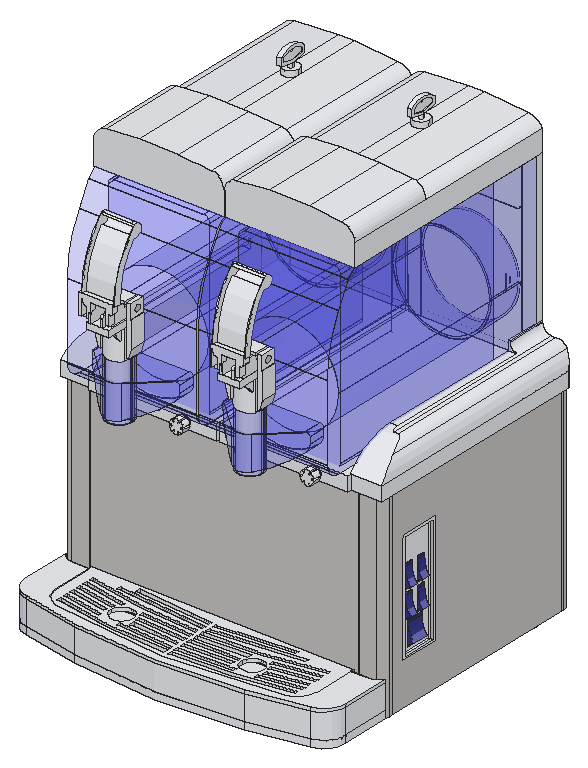
Revit family "QF_ELECTROLUXPROFESSIONAL_560107_SP2NewUVUK", category Specialty Equipment, Revit 2018 (continued)
Definition of nested family "SP2_Vasca_R"
  Forms (mm)
    Extrusion 44, void
      from 0 to -10
    Extrusion 45, solid
      sketch origin (0.189, -212, -123.048) x (-1, 0, 0) y (0, 0, 1)
        loop
          circle (45.189, 417.933) r 6.382
      from 90.501 to 85.6
    Extrusion 46, solid
      sketch origin (-0.189, -212, -123.048) x (1, 0, 0) y (0, 0, -1)
        loop
          circle (45.189, -417.933) r 6.382
      from 85.6 to 90.501
    Extrusion 47, void
      sketch origin (-90.5, 0, 0) x (-1, 0, 0) y (0, -1, 0)
        loop
          arc (-210.523, -212) -> (-219.699, -208.199) -> (-223.5, -199.023) r 12.977
          line (-223.5, -199.023) -> (-223.5, -212) -> (-210.523, -212)
      from 328.597 to 286
  Cuts and joins
    Extrusion 8 cuts Extrusion 6
    Extrusion 8, Extrusion 9 cuts Extrusion 7
    Extrusion 8 cuts Extrusion 10
    joined: Extrusion 7, Extrusion 10, Extrusion 11
    joined: Extrusion 5, Extrusion 14
    Extrusion 20 cuts Extrusion 12
    Extrusion 20 cuts Extrusion 15
    Extrusion 20 cuts Extrusion 16
    Extrusion 20 cuts Extrusion 17
    Extrusion 20 cuts Extrusion 18
    Extrusion 25, Extrusion 47 cuts Extrusion 24
    Extrusion 22 cuts Extrusion 26
    Extrusion 31 cuts Extrusion 32
    Extrusion 22, Extrusion 42, Extrusion 44 cuts Extrusion 39
    Extrusion 22, Extrusion 42 cuts Extrusion 40
    Extrusion 38 cuts Extrusion 27
  Lines and regions (mm)
    symbolic lines
      curve 1: arc (112.977, -118, 14) -> (127.119, -112.142, 14) -> (132.977, -98, 14) r 20
      curve 2: line (110.977, 212, 14) -> (110.977, -50, 14)
      curve 3: line (110.977, -50, 14) -> (127.977, -50, 14)
      curve 4: line (127.977, -50, 14) -> (127.977, 209.259, 14)
      curve 5: arc (120, 212, 14) -> (129.176, 208.199, 14) -> (132.977, 199.023, 14) r 12.977
      curve 6: line (110.977, -50, 14) -> (110.977, -67.775, 14)
      curve 7: arc (110.977, -67.775, 14) -> (112.944, -92.763, 14) -> (118.795, -117.135, 14) r 159.732
      curve 8: line (127.977, -50, 14) -> (132.977, -85.577, 14)
      curve 9: line (89.477, 212, 14) -> (89.477, 30.512, 14)
      curve 10: line (89.477, 157, 14) -> (104.477, 157, 14)
      curve 11: line (104.477, 157, 14) -> (104.477, -88, 14)
      curve 12: arc (104.477, -88, 14) -> (103.013, -99.123, 14) -> (98.719, -109.488, 14) r 42.977
      curve 13: line (98.719, -109.488, 14) -> (89.477, -109.488, 14)
      curve 14: arc (89.477, 30.512, 14) -> (83.619, 16.37, 14) -> (69.477, 10.512, 14) r 20
      curve 15: arc (-90.523, 30.512, 14) -> (-84.665, 16.37, 14) -> (-70.523, 10.512, 14) r 20
      curve 16: line (-90.523, 30.512, 14) -> (-90.523, -113, 14)
      curve 17: line (89.477, 30.512, 14) -> (89.477, -113, 14)
      curve 18: line (2.977, 135.359, 14) -> (-3.023, 135.359, 14)
      curve 19: line (2.977, 96.233, 14) -> (2.977, 135.359, 14)
      curve 20: line (-3.023, 96.233, 14) -> (2.977, 96.233, 14)
      curve 21: line (-3.023, 135.359, 14) -> (-3.023, 96.233, 14)
      curve 22: arc (2.977, 105.213, 14) -> (10.977, 115.796, 14) -> (2.977, 126.379, 14) r 11
      curve 23: arc (-3.023, 126.379, 14) -> (-11.023, 115.796, 14) -> (-3.023, 105.213, 14) r 11
      curve 24: arc (89.477, -93, 14) -> (82.183, -87.573, 14) -> (73.338, -85.474, 14) r 22.513
      curve 25: arc (-90.523, -93, 14) -> (-83.229, -87.573, 14) -> (-74.384, -85.474, 14) r 22.513
      curve 26: arc (73.338, -85.474, 14) -> (-0.523, -83, 14) -> (-74.384, -85.474, 14) r 1103.745
      curve 27: line (-0.523, -113, 14) -> (-0.523, -171, 14)
      curve 28: line (82.477, -113, 14) -> (82.477, -153, 14)
      curve 29: line (-80.989, -113, 14) -> (-80.989, -153, 14)
      curve 30: line (-80.989, -153, 14) -> (82.477, -153, 14)
      curve 31: line (-50.989, -153, 14) -> (-21.523, -182.466, 14)
      curve 32: line (20.477, -216, 14) -> (-21.523, -216, 14)
      curve 33: line (-21.523, -216, 14) -> (-21.523, -171, 14)
      curve 34: line (-21.523, -171, 14) -> (20.477, -171, 14)
      curve 35: line (-16.523, -216, 14) -> (-16.523, -181, 14)
      curve 36: line (-16.523, -181, 14) -> (14.477, -181, 14)
      curve 37: line (14.477, -196, 14) -> (-16.523, -196, 14)
      curve 38: line (-55.989, -153, 14) -> (-21.523, -187.466, 14)
      curve 39: line (49.943, -153, 14) -> (20.477, -182.466, 14)
      curve 40: line (54.943, -153, 14) -> (20.477, -187.466, 14)
      curve 41: line (20.477, -216, 14) -> (20.477, -171, 14)
      curve 42: line (14.477, -216, 14) -> (14.477, -181, 14)
      curve 43: line (-90.523, 212, 14) -> (120, 212, 14)
      curve 44: line (132.977, 199.023, 14) -> (132.977, -98, 14)
      curve 45: line (-90.523, 212, 14) -> (-90.523, 30.512, 14)
      curve 46: line (-90.523, -113, 14) -> (89.477, -113, 14)
      curve 47: line (89.477, -113, 14) -> (89.477, -118, 14)
      curve 48: line (89.477, -118, 14) -> (112.977, -118, 14)
      curve 49: line (-70.523, 10.512, 0) -> (69.477, 10.512, 0)
  Dimensions and locks
    plane 4 "FEET" to level = 14 mm
    plane 6 "LEFT" to plane 3 "Center (Left/Right)" to plane 7 "RIGHT" = 133 mm, 133 mm
    plane 5 "BACK" to plane 1 "Center (Front/Back)" = 212 mm
    plane 6 "LEFT" to plane 7 "RIGHT" = 266 mm
    plane 5 "BACK" to plane 8 = 43 mm
    plane 8 to plane 11 = 250 mm
    plane 14 "TOP" to level = 640 mm
    plane 15 "FRONT" to plane 5 "BACK" = 428 mm
    plane 5 "BACK" to plane 15 "FRONT" = 428 mm
    Extrusion 36 to level = 613 mm
    Extrusion 36 to level = 606 mm
    aligned and locked: level to plane 2 "BASE"
